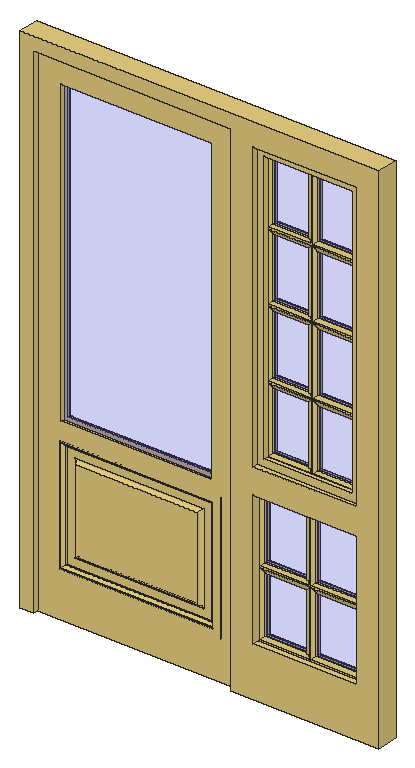
Revit family "DTI_A3-2100X1457-Cottage-Pane-L1RP", category Doors, host Wall, Revit 2016
Family settings
  Host = Wall
  Always vertical = Yes
  Cut with Voids When Loaded = No
  Shared = No
  Room Calculation Point = No
Parameters (values of type "2100 x 1457 Cottage Pane - L1RP")
  URL = "http://www.kparkerjoinery.co.za/"
  Side Width = 90 mm
  Panel Width = Width - (600 mm + Frame Width)  # 802 mm
  Panel Height = Height - Frame Width  # 2045 mm
  Model = "Side Light Doors"
  Manufacturer Code = "Cottage Pane - L1RP"
  Manufacturer = "K. Parker Joinery"
  Height = 2100 mm
  Wall Closure = By host
  Width = 1457 mm
  Glass Material = Glass
  Function = Interior
  Frame Width = 55 mm
  Frame Thickness = 85 mm
  Frame Material = Kiln Dried Wood
  Assembly Code = "B2030130"
Reference planes
  plane 1 "Center": y = 0
  plane 2 "Center (Left/Right)": x = 0
  plane 3 "Left": x = -728.5
  plane 4 "Right": x = 728.5
  plane 5: z = 2100
  plane 6 "Exterior": y = 75
  plane 7 "Interior": y = -75
  plane 8: x = 128.5
  plane 9: z = 742
  plane 10: x = 428.5
  plane 11: z = 200
  plane 12: z = 471
  plane 13: z = 1989
  plane 14: z = 868
  plane 15: z = 1708.75
  plane 16: z = 1428.5
  plane 17: z = 1148.25
  plane 18: x = 239.5
  plane 19: x = 617.5
Forms (mm)
  Sweep 1, solid, material "Kiln Dried Wood" <- "Frame Material"
    path origin (0, 0, 0) x (1, 0, 0) y (0, 0, 1)
      loop
        line (128.5, 2100) -> (-728.5, 2100) -> (-728.5, 0)
    profile origin (-300, 0, 2100) x (0, 0, -1) y (0, -1, 0)
      loop
        line (0, -42.5) -> (55, -42.5) -> (55, 42.5) -> (0, 42.5) -> (0, -42.5)
  Sweep 2, solid, material "Kiln Dried Wood" <- "Frame Material"
    path origin (0, 0, 0) x (1, 0, 0) y (0, 0, 1)
      loop
        line (128.5, 0) -> (128.5, 2100) -> (728.5, 2100) -> (728.5, 0)
    profile origin (128.5, 0, 1050) x (-1, 0, 0) y (0, -1, 0)
      loop
        line (0, -42.5) -> (0, 42.5) -> (-90, 42.5) -> (-90, -42.5) -> (0, -42.5)
  Sweep 3, solid, material "Kiln Dried Wood" <- "Frame Material"
    path origin (0, 0, 0) x (1, 0, 0) y (0, 0, 1)
      loop
        line (728.5, 0) -> (128.5, 0)
    profile origin (428.5, 0, 0) x (0, 0, -1) y (0, -1, 0)
      loop
        line (-200, -42.5) -> (0, -42.5) -> (0, 42.5) -> (-200, 42.5) -> (-200, -42.5)
  Sweep 4, solid, material "Kiln Dried Wood" <- "Frame Material"
    path origin (0, 0, 0) x (1, 0, 0) y (0, 0, 1)
      loop
        line (728.5, 742) -> (128.5, 742)
    profile origin (428.5, 0, 742) x (0, 0, -1) y (0, -1, 0)
      loop
        line (-105, -42.5) -> (0, -42.5) -> (0, 42.5) -> (-105, 42.5) -> (-105, -42.5)
  Sweep 5, solid, material "Kiln Dried Wood" <- "Frame Material"
    path origin (0, 0, 0) x (1, 0, 0) y (0, 0, 1)
      loop
        line (638.5, 742) -> (218.5, 742) -> (218.5, 200) -> (638.5, 200) -> (638.5, 742)
    profile "Side Light 1 : Side Light 1" origin (428.5, 0, 742) x (0, 0, -1) y (0, -1, 0)
      loop
        line (0, -15) -> (5, -15) -> (21.783, -9.035) -> (21.783, -4.035) -> (11.783, -4.035) -> (11.783, 4.035) -> (21.783, 4.035) -> (21.783, 9.035) -> (5, 15) -> (0, 15) -> (0, -15)
  Extrusion 6, solid, material "Glass" <- "Glass Material"
    sketch origin (0, 0, 0) x (1, 0, 0) y (0, 1, 0)
      loop
        line (230.283, 4.035) -> (230.283, -4.035) -> (626.717, -4.035) -> (626.717, 4.035) -> (230.283, 4.035)
    from 211.783 to 730.217
  Sweep 7, solid, material "Kiln Dried Wood" <- "Frame Material"
    path origin (0, 0, 0) x (1, 0, 0) y (0, 0, 1)
      loop
        line (638.5, 2010) -> (218.5, 2010) -> (218.5, 847) -> (638.5, 847) -> (638.5, 2010)
    profile "Side Light 2 : Side Light 2" origin (428.5, 0, 2010) x (0, 0, -1) y (0, -1, 0)
      loop
        line (21, 4.953) -> (21, -25.047) -> (29.217, -25.047) -> (46, -19.082) -> (46, -14.082) -> (36, -14.082) -> (36, -6.013) -> (46, -6.013) -> (46, -1.013) -> (29.217, 4.953) -> (21, 4.953)
      loop
        line (0, -25) -> (20, -25) -> (20, 5.953) -> (30, 5.953) -> (30, 25) -> (0, 25) -> (0, -25)
  Extrusion 8, solid, material "Glass" <- "Glass Material"
    sketch origin (0, 0, 0) x (1, 0, 0) y (0, 1, 0)
      loop
        line (254.5, 14.082) -> (254.5, 6.013) -> (602.5, 6.013) -> (602.5, 14.082) -> (254.5, 14.082)
    from 883 to 1974
  Sweep 9, solid, material "Kiln Dried Wood" <- "Frame Material"
    path origin (0, 0, 0) x (1, 0, 0) y (0, 0, 1)
      loop
        line (428.5, 200) -> (428.5, 742)
    profile "Side Light S 1 : Side Light S 1" origin (428.5, 0, 471) x (-1, 0, 0) y (0, -1, 0)
      loop
        line (-19.283, -9.035) -> (-2.5, -15) -> (2.5, -15) -> (19.283, -9.035) -> (19.283, -4.035) -> (9.283, -4.035) -> (9.283, 4.035) -> (19.283, 4.035) -> (19.283, 9.035) -> (2.5, 15) -> (-2.5, 15) -> (-19.283, 9.035) -> (-19.283, 4.035) -> (-9.283, 4.035) -> (-9.283, -4.035) -> (-19.283, -4.035) -> (-19.283, -9.035)
  Sweep 10, solid, material "Kiln Dried Wood" <- "Frame Material"
    path origin (0, 0, 0) x (1, 0, 0) y (0, 0, 1)
      loop
        line (638.5, 471) -> (218.5, 471)
    profile "Side Light S 1 : Side Light S 1" origin (428.5, 0, 471) x (0, 0, -1) y (0, -1, 0)
      loop
        line (-19.283, -9.035) -> (-2.5, -15) -> (2.5, -15) -> (19.283, -9.035) -> (19.283, -4.035) -> (9.283, -4.035) -> (9.283, 4.035) -> (19.283, 4.035) -> (19.283, 9.035) -> (2.5, 15) -> (-2.5, 15) -> (-19.283, 9.035) -> (-19.283, 4.035) -> (-9.283, 4.035) -> (-9.283, -4.035) -> (-19.283, -4.035) -> (-19.283, -9.035)
  Sweep 11, solid, material "Kiln Dried Wood" <- "Frame Material"
    path origin (0, 0, 0) x (1, 0, 0) y (0, 0, 1)
      loop
        line (428.5, 868) -> (428.5, 1989)
    profile "Side Light S 2 : Side Light S 2" origin (428.5, 0, 1428.5) x (-1, 0, 0) y (0, -1, 0)
      loop
        line (2.5, -25.043) -> (19.283, -19.078) -> (19.283, -14.078) -> (9.283, -14.078) -> (9.283, -6.008) -> (19.283, -6.008) -> (19.283, -1.008) -> (2.5, 4.957) -> (-2.5, 4.957) -> (-19.283, -1.008) -> (-19.283, -6.008) -> (-9.283, -6.008) -> (-9.283, -14.078) -> (-19.283, -14.078) -> (-19.283, -19.078) -> (-2.5, -25.043) -> (2.5, -25.043)
  Sweep 12, solid, material "Kiln Dried Wood" <- "Frame Material"
    path origin (0, 0, 0) x (1, 0, 0) y (0, 0, 1)
      loop
        line (617.5, 1708.75) -> (239.5, 1708.75)
    profile "Side Light S 2 : Side Light S 2" origin (428.5, 0, 1708.75) x (0, 0, -1) y (0, -1, 0)
      loop
        line (2.5, -25.043) -> (19.283, -19.078) -> (19.283, -14.078) -> (9.283, -14.078) -> (9.283, -6.008) -> (19.283, -6.008) -> (19.283, -1.008) -> (2.5, 4.957) -> (-2.5, 4.957) -> (-19.283, -1.008) -> (-19.283, -6.008) -> (-9.283, -6.008) -> (-9.283, -14.078) -> (-19.283, -14.078) -> (-19.283, -19.078) -> (-2.5, -25.043) -> (2.5, -25.043)
  Sweep 13, solid, material "Kiln Dried Wood" <- "Frame Material"
    path origin (0, 0, -180) x (1, 0, 0) y (0, 0, 1)
      loop
        line (617.5, 1608.5) -> (239.5, 1608.5)
    profile "Side Light S 2 : Side Light S 2" origin (428.5, 0, 1428.5) x (0, 0, -1) y (0, -1, 0)
      loop
        line (2.5, -25.043) -> (19.283, -19.078) -> (19.283, -14.078) -> (9.283, -14.078) -> (9.283, -6.008) -> (19.283, -6.008) -> (19.283, -1.008) -> (2.5, 4.957) -> (-2.5, 4.957) -> (-19.283, -1.008) -> (-19.283, -6.008) -> (-9.283, -6.008) -> (-9.283, -14.078) -> (-19.283, -14.078) -> (-19.283, -19.078) -> (-2.5, -25.043) -> (2.5, -25.043)
  Sweep 14, solid, material "Kiln Dried Wood" <- "Frame Material"
    path origin (0, 0, -400) x (1, 0, 0) y (0, 0, 1)
      loop
        line (617.5, 1548.25) -> (239.5, 1548.25)
    profile "Side Light S 2 : Side Light S 2" origin (428.5, 0, 1148.25) x (0, 0, -1) y (0, -1, 0)
      loop
        line (2.5, -25.043) -> (19.283, -19.078) -> (19.283, -14.078) -> (9.283, -14.078) -> (9.283, -6.008) -> (19.283, -6.008) -> (19.283, -1.008) -> (2.5, 4.957) -> (-2.5, 4.957) -> (-19.283, -1.008) -> (-19.283, -6.008) -> (-9.283, -6.008) -> (-9.283, -14.078) -> (-19.283, -14.078) -> (-19.283, -19.078) -> (-2.5, -25.043) -> (2.5, -25.043)
Cuts and joins
  joined: Sweep 1, Sweep 2, Sweep 3, Sweep 4
  joined: Sweep 5, Sweep 9, Sweep 10
  joined: Sweep 7, Sweep 11, Sweep 12, Sweep 13, Sweep 14
Lines and regions (mm)
  Opening 1
    outline origin (-3050, -75, 0) x (1, 0, 0) y (0, 0, 1)
      loop
        line (2321.5, 0) -> (3778.5, 0) -> (3778.5, 2100) -> (2321.5, 2100) -> (2321.5, 0)
  symbolic lines, style "Elevation Swing"
    curve 1: line (638.5, 0, 2010) -> (218.5, 0, 1428.5)
    curve 2: line (638.5, 0, 847) -> (218.5, 0, 1428.5)
    curve 8: line (128.5, 0, 2045) -> (-673.5, 0, 1022.5)
    curve 9: line (-673.5, 0, 1022.5) -> (128.5, 0, 0)
  symbolic lines, style "Plan Swing"
    curve 3: line (128.5, 22, 0) -> (84.5, 22, 0)
    curve 4: line (128.5, 824, 0) -> (128.5, 22, 0)
    curve 5: line (84.5, 824, 0) -> (128.5, 824, 0)
    curve 6: line (84.5, 22, 0) -> (84.5, 824, 0)
    curve 7: arc (128.5, 824, 0) -> (-438.6, 589.1, 0) -> (-673.5, 22, 0) r 802
Text (mm)
  text "Exterior" at (-2295.016, 1099.543, 0), in view "Ref. Level"
  text "Exterior" at (0, 1615.38, 3698.081), in view "Left"
  text "Exterior" at (0, 1036.032, 3874.932), in view "Right"
Dimensions and locks
  equal spacing: plane 3 "Left", plane 2 "Center (Left/Right)", plane 4 "Right"
  "Width": plane 3 "Left" to plane 4 "Right"
  "Height": plane 5 to host wall
  locked: plane 6 "Exterior" to host wall at 0
  locked: plane 7 "Interior" to host wall
  locked: plane 8 to plane 4 "Right" at 600
  "Frame Width": Sweep 1 sketch curve to Sweep 1 sketch curve
  equal spacing: Sweep 1 sketch curve, profile plane, Sweep 1 sketch curve
  "Frame Thickness": Sweep 1 sketch curve to Sweep 1 sketch curve
  "Side Width": Sweep 2 sketch curve to Sweep 2 sketch curve
  equal spacing: Sweep 2 sketch curve, profile plane, Sweep 2 sketch curve
  "Frame Thickness": Sweep 2 sketch curve to Sweep 2 sketch curve
  locked: Sweep 3 sketch curve to Sweep 3 sketch curve at 200
  locked: level to plane 9 at 742
  locked: Sweep 4 sketch curve to Sweep 4 sketch curve at 105
  equal spacing: plane 8, plane 10, plane 4 "Right"
  locked: level to plane 11 at 200
  equal spacing: plane 11, plane 12, plane 9
  locked: plane 9 to plane 14 at 126
  locked: plane 13 to plane 5 at 111
  locked: plane 18 to plane 8 at 111
  locked: plane 19 to plane 4 "Right" at 111
  equal spacing: plane 14, plane 17, plane 16, plane 15, plane 13
  "Panel Width": curve 3 to curve 5
  aligned and locked: plane 3 "Left" to Opening 1 sketch curve
  aligned and locked: plane 5 to Opening 1 sketch curve  (x2)
  aligned and locked: Opening 1 sketch curve to plane 4 "Right"
  aligned and locked: Opening 1 sketch curve to level
  aligned and locked: plane 1 "Center" to host wall
  aligned and locked: plane 5 to Sweep 1 sketch curve
  aligned and locked: Sweep 1 sketch curve to profile plane
  aligned and locked: level to Sweep 2 sketch curve  (x2)
  aligned and locked: Sweep 2 sketch curve to plane 8
  aligned and locked: profile plane to Sweep 2 sketch curve
  aligned and locked: plane 8 to Sweep 1 sketch curve
  aligned and locked: plane 5 to Sweep 2 sketch curve
  aligned and locked: Sweep 2 sketch curve to plane 4 "Right"
  aligned and locked: plane 4 "Right" to Sweep 3 sketch curve
  aligned and locked: plane 8 to Sweep 3 sketch curve
  aligned and locked: Sweep 3 sketch curve to level
  aligned and locked: profile plane to Sweep 3 sketch curve
  aligned and locked: Sweep 3 sketch curve to cut or joined group of Sweep 1, Sweep 2, Sweep 3, Sweep 4  (x2)
  aligned and locked: plane 4 "Right" to Sweep 4 sketch curve
  aligned and locked: plane 8 to Sweep 4 sketch curve
  aligned and locked: Sweep 4 sketch curve to plane 9
  aligned and locked: profile plane to Sweep 4 sketch curve
  aligned and locked: Sweep 4 sketch curve to cut or joined group of Sweep 1, Sweep 2, Sweep 3, Sweep 4  (x2)
  aligned and locked: cut or joined group of Sweep 1, Sweep 2, Sweep 3, Sweep 4 to Sweep 5 sketch curve  (x2)
  aligned and locked: Sweep 5 sketch curve to cut or joined group of Sweep 1, Sweep 2, Sweep 3, Sweep 4  (x2)
  aligned and locked: Sweep 5 to Extrusion 6 sketch curve
  aligned and locked: Extrusion 6 sketch curve to Sweep 5  (x3)
  aligned and locked: Extrusion 6 to Sweep 5  (x2)
  aligned and locked: cut or joined group of Sweep 1, Sweep 2, Sweep 3, Sweep 4 to Sweep 7 sketch curve  (x3)
  aligned and locked: Sweep 7 sketch curve to cut or joined group of Sweep 1, Sweep 2, Sweep 3, Sweep 4
  aligned and locked: Sweep 7 to Extrusion 8 sketch curve
  aligned and locked: Extrusion 8 sketch curve to Sweep 7  (x3)
  aligned and locked: Extrusion 8 to Sweep 7  (x2)
  aligned and locked: curve 1 to cut or joined group of Sweep 1, Sweep 2, Sweep 3, Sweep 4
  aligned and locked: cut or joined group of Sweep 1, Sweep 2, Sweep 3, Sweep 4 to curve 1
  aligned and locked: curve 2 to cut or joined group of Sweep 1, Sweep 2, Sweep 3, Sweep 4
  aligned and locked: level to Sweep 1 sketch curve
  aligned and locked: Sweep 1 sketch curve to plane 3 "Left"
  aligned and locked: Sweep 5 to Sweep 9 sketch curve  (x2)
  aligned and locked: plane 10 to Sweep 9 sketch curve
  aligned and locked: cut or joined group of Sweep 1, Sweep 2, Sweep 3, Sweep 4 to Sweep 10 sketch curve  (x2)
  aligned and locked: plane 12 to Sweep 10 sketch curve
  aligned and locked: plane 10 to Sweep 11 sketch curve
  aligned and locked: plane 14 to Sweep 11 sketch curve
  aligned and locked: plane 13 to Sweep 11 sketch curve
  aligned and locked: Sweep 12 sketch curve to plane 19
  aligned and locked: plane 18 to Sweep 12 sketch curve
  aligned and locked: Sweep 12 sketch curve to plane 15
  aligned and locked: Sweep 14 sketch curve to plane 19
  aligned and locked: plane 18 to Sweep 14 sketch curve
  aligned and locked: Sweep 14 sketch curve to plane 17
  aligned and locked: Sweep 13 sketch curve to plane 19
  aligned and locked: plane 18 to Sweep 13 sketch curve
  aligned and locked: Sweep 13 sketch curve to plane 16
  aligned and locked: plane 1 "Center" to nested 1
Automatic sketch dimensions
  curve 5 to plane 8 = 0 mm
  curve 3 to curve 7 = 44 mm
  curve 7 to host wall = 22 mm
  curve 3 to host wall = 22 mm
  curve 8 to plane 8 = 0 mm
  curve 9 to level = 0 mm
  curve 9 to plane 8 = 0 mm
  curve 2 to plane 16 = 0 mm
  curve 9 to plane 3 "Left" = 55 mm
  plane 14 to curve 2 = 21 mm
  curve 8 to plane 17 = 125.75 mm
  curve 1 to plane 13 = 21 mm
  plane 5 to curve 8 = 55 mm
Nested families
  nested 1: "L1RP" at (-272.5, 0, 0) x (-1, 0, 0) z (0, 0, 1), type "L1RP", detail levels medium+fine
    with Width 802 mm, Height 2045 mm
Definition of nested family "L1RP"
  Parameters
    Width = 813 mm
    Height = 2032 mm
    Glass Material = none
    Frame Material = none
  Reference planes
    plane 1 "Center (Front/Back)": y = 0
    plane 2: z = 0
    plane 3 "Center (Left/Right)": x = 0
    plane 4: x = -406.5
    plane 5: x = 406.5
    plane 6: z = 2032
    plane 7: z = 1972
    plane 8: z = 155
    plane 9: z = 1354.667
    plane 10: z = 677.333
    plane 11: z = 672.083
    plane 12: z = 682.583
    plane 13: x = -346.5
    plane 14: x = 346.5
  Forms (mm)
    Sweep 1, solid, material <- "Frame Material"
      path origin (0, 0, 0) x (1, 0, 0) y (0, 0, 1)
        loop
          line (-406.5, 0) -> (406.5, 0)
      profile "Solid B : Solid B" origin (0, 0, 0) x (0, 0, 1) y (0, -1, 0)
        loop
          line (0, 22) -> (0, -22) -> (185, -22) -> (185, -20) -> (200, -11) -> (200, -6) -> (155, -6) -> (155, 6) -> (200, 6) -> (200, 11) -> (185, 20) -> (185, 22) -> (0, 22)
    Sweep 2, solid, material <- "Frame Material"
      path origin (0, 0, 0) x (1, 0, 0) y (0, 0, 1)
        loop
          line (-406.5, 677.333) -> (406.5, 677.333)
      profile "Glass M spec : Glass M spec" origin (0, 0, 677.333) x (0, 0, 1) y (0, -1, 0)
        loop
          line (40.25, 22) -> (-35.25, 22) -> (-35.25, 20) -> (-50.25, 11) -> (-50.25, 6) -> (-5.25, 6) -> (-5.25, -6) -> (-50.25, -6) -> (-50.25, -11) -> (-35.25, -20) -> (-35.25, -22) -> (41.25, -22) -> (41.25, -10) -> (5.25, -10) -> (5.25, 2) -> (50.25, 2) -> (50.25, 12) -> (48.25, 12)
          arc (48.25, 12) -> (45.907, 17.657) -> (40.25, 20) r 8
          line (40.25, 20) -> (40.25, 22)
    Sweep 3, solid, material <- "Frame Material"
      path origin (0, 0, 0) x (1, 0, 0) y (0, 0, 1)
        loop
          line (-406.5, 155) -> (-406.5, 672.083)
      profile "Solid T : Solid T" origin (-406.5, 0, 413.542) x (-1, 0, 0) y (0, -1, 0)
        loop
          line (0, 22) -> (-90, 22) -> (-90, 20) -> (-105, 11) -> (-105, 6) -> (-60, 6) -> (-60, -6) -> (-105, -6) -> (-105, -11) -> (-90, -20) -> (-90, -22) -> (0, -22) -> (0, 22)
    Sweep 4, solid, material <- "Frame Material"
      path origin (0, 0, 0) x (-1, 0, 0) y (0, 0, 1)
        loop
          line (-406.5, 155) -> (-406.5, 672.083)
      profile "Solid T : Solid T" origin (406.5, 0, 413.542) x (1, 0, 0) y (0, 1, 0)
        loop
          line (0, -22) -> (0, 22) -> (-90, 22) -> (-90, 20) -> (-105, 11) -> (-105, 6) -> (-60, 6) -> (-60, -6) -> (-105, -6) -> (-105, -11) -> (-90, -20) -> (-90, -22) -> (0, -22)
    Sweep 5, solid, material <- "Frame Material"
      path origin (0, 0, 0) x (1, 0, 0) y (0, 0, 1)
        loop
          line (-406.5, 682.583) -> (-406.5, 2032) -> (406.5, 2032) -> (406.5, 682.583)
      profile "Glass T : Glass T" origin (0, 0, 2032) x (0, 0, 1) y (0, -1, 0)
        loop
          line (0, -22) -> (0, 22) -> (-95, 22) -> (-95, 20)
          arc (-95, 20) -> (-100.657, 17.657) -> (-103, 12) r 8
          line (-103, 12) -> (-105, 12) -> (-105, 2) -> (-60, 2) -> (-60, -10) -> (-96, -10) -> (-96, -22) -> (0, -22)
    Extrusion 6, solid, material <- "Frame Material"
      sketch origin (0, 0, 0) x (1, 0, 0) y (0, 1, 0)
        loop
          line (-346.5, 20) -> (-346.5, -20) -> (346.5, -20) -> (346.5, 20) -> (-346.5, 20)
      from 672.083 to 155
    Extrusion 7, solid, material <- "Glass Material"
      sketch origin (0, 0, 0) x (1, 0, 0) y (0, 1, 0)
        loop
          line (-346.5, 10) -> (-346.5, -2) -> (346.5, -2) -> (346.5, 10) -> (-346.5, 10)
      from 682.583 to 1972
    Sweep 8, void
      path origin (0, 0, 0) x (1, 0, 0) y (0, 0, 1)
        loop
          line (-346.5, 672.083) -> (-346.5, 155) -> (346.5, 155) -> (346.5, 672.083) -> (-346.5, 672.083)
      profile "Void : Void" origin (0, 0, 672.083) x (0, 0, 1) y (0, -1, 0)
        loop
          line (-44.95, -11) -> (-44.95, -6) -> (-78.778, -6)
          arc (-78.778, -6) -> (-88.678, -10.101) -> (-92.778, -20) r 14
          line (-92.778, -20) -> (-92.778, -27) -> (-29.95, -27) -> (-29.95, -20) -> (-44.95, -11)
        loop
          line (-44.95, 11) -> (-29.95, 20) -> (-29.95, 27) -> (-92.778, 27) -> (-92.778, 20)
          arc (-92.778, 20) -> (-88.678, 10.101) -> (-78.778, 6) r 14
          line (-78.778, 6) -> (-44.95, 6) -> (-44.95, 11)
  Cuts and joins
    joined: Sweep 1, Sweep 2, Sweep 3, Sweep 4, Sweep 5
    Sweep 8 cuts Extrusion 6
  Dimensions and locks
    equal spacing: plane 4, plane 3 "Center (Left/Right)", plane 5
    "Width": plane 4 to plane 5
    "Height": plane 6 to level
    locked: plane 8 to level at 155
    locked: plane 6 to plane 7 at 60
    equal spacing: plane 6, plane 9, plane 10, level
    locked: plane 10 to plane 11 at 5.25
    locked: plane 10 to plane 12 at 5.25
    locked: plane 4 to plane 13 at 60
    locked: plane 5 to plane 14 at 60
    aligned and locked: Sweep 1 sketch curve to level
    aligned and locked: plane 4 to Sweep 1 sketch curve
    aligned and locked: plane 5 to Sweep 1 sketch curve
    aligned and locked: Sweep 2 sketch curve to plane 10
    aligned and locked: plane 4 to Sweep 2 sketch curve
    aligned and locked: plane 5 to Sweep 2 sketch curve
    aligned and locked: plane 11 to Sweep 3 sketch curve
    aligned and locked: plane 8 to Sweep 3 sketch curve
    aligned and locked: plane 4 to Sweep 3 sketch curve
    aligned and locked: plane 11 to Sweep 4 sketch curve
    aligned and locked: plane 8 to Sweep 4 sketch curve
    aligned and locked: Sweep 4 sketch curve to plane 5
    aligned and locked: Sweep 5 sketch curve to plane 6
    aligned and locked: plane 4 to Sweep 5 sketch curve
    aligned and locked: plane 5 to Sweep 5 sketch curve
    aligned and locked: plane 12 to Sweep 5 sketch curve  (x2)
    aligned and locked: plane 13 to Extrusion 6 sketch curve
    aligned and locked: plane 14 to Extrusion 6 sketch curve
    aligned and locked: Extrusion 6 sketch curve to cut or joined group of Sweep 1, Sweep 2, Sweep 3, Sweep 4, Sweep 5  (x2)
    aligned and locked: plane 13 to Extrusion 7 sketch curve
    aligned and locked: plane 14 to Extrusion 7 sketch curve
    aligned and locked: Extrusion 7 sketch curve to cut or joined group of Sweep 1, Sweep 2, Sweep 3, Sweep 4, Sweep 5  (x2)
    aligned and locked: plane 12 to Extrusion 7
    aligned and locked: plane 7 to Extrusion 7
    aligned and locked: plane 11 to Extrusion 6
    aligned and locked: Extrusion 6 to plane 8
    aligned and locked: plane 13 to Sweep 8 sketch curve
    aligned and locked: Sweep 8 sketch curve to plane 11
    aligned and locked: plane 8 to Sweep 8 sketch curve
    aligned and locked: plane 14 to Sweep 8 sketch curve
